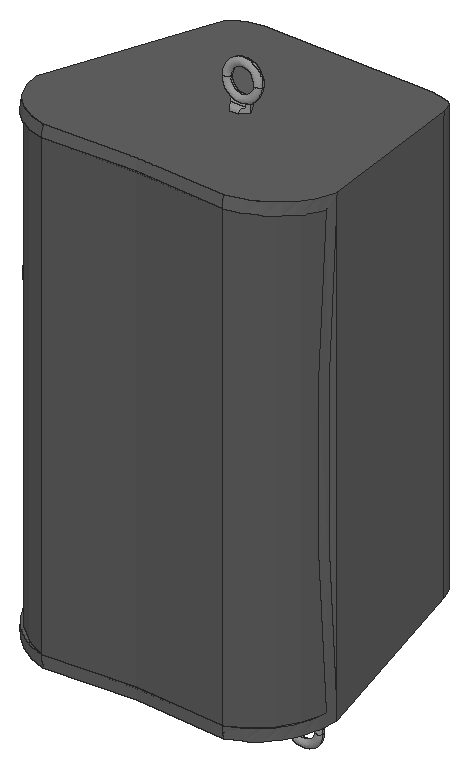
Revit family "AD-S10T - M10 Eye Bolts", category Communication Devices, Revit 2012
Parameters
  Width = 318.0 mm
  Weight Dimensional (lb) = 40.6
  Weight Dimensional (kg) = 18.45
  URL = "TBA"
  Sensitivity = 92
  SPL Max = 122
  Rotation Axis Distance = 2491.3 mm
  Regulatory Compliance = "RoHS"
  Product Page URL = "TBA"
  Product Documentation Link = "TBA"
  Weight Product (kg) = 15
  Weight Product (lb) = 31
  Power Handling = 250
  Model = "AD-S10T"
  Mid Depth = 286.0 mm
  Manufacturer URL = "www.qscaudio.com"
  Manufacturer = "QSC Audio Products, LLC"
  Impedance = 8
  Height [instance] = 515.98 mm
  Grille Finish = Black Grille
  Eye Bolt Material [instance] = Default
  Enclosure Finish = Black Finish
  Description = "10\" 2-Way Surface Mount Loudspeaker"
  Depth [instance] = 297.857 mm
  Coverage Vertical = 90.00°
  Coverage Horizontal = 90.00°
  70V Taps = "100, 50, 25, 12.5"
  100V Taps = "100, 50, 25"
Reference planes
  plane 1 "Center (Front/Back) (Grille Extent)": y = 0
  plane 2: z = 0
  plane 3 "Center (Left/Right)": x = 0
  plane 4 "Rotation Axis Plane": y = 2491.3
  plane 5: x = -159
  plane 6: x = 159
  plane 7: x = 89.05
  plane 8: x = -89.05
  plane 9: y = 72.2
  plane 10: x = -120.55
  plane 11: x = 120.55
  plane 12: y = 263
  plane 13: x = -96.1
  plane 14: x = 96.1
  plane 15: y = 5.4
  plane 16 "Back Plane": y = 297.857
  plane 17: y = 286
  plane 18: y = 77.988
  plane 19: x = -157
  plane 20: x = 157
  plane 21: z = 146.25
  plane 22: z = 106.25
  plane 23: x = -40
  plane 24: x = 40
  plane 25 "Top Plane": z = 257.99
  plane 26 "Bottom Plane": z = -257.99
  plane 27: x = 89.05
  plane 28: x = -89.05
  plane 29: y = 72.2
  plane 30: x = -120.55
  plane 31: x = 120.55
  plane 32: y = 263
  plane 33: x = -96.1
  plane 34: x = 96.1
  plane 35: y = 5.4
  plane 36: y = 286
  plane 37: y = 77.988
  plane 38: x = -157
  plane 39: x = 157
Forms (mm)
  Revolve 1, solid, material "Black Finish" <- "Enclosure Finish"
    sketch origin (0, 0, 0) x (1, 0, 0) y (0, 1, 0)
      loop
        spline (-89.05, 286) -> (-93.329, 285.84) -> (-97.308, 285.361) -> (-100.986, 284.562) -> (-104.363, 283.444) -> (-107.439, 282.007) -> (-110.214, 280.25) -> (-112.689, 278.174) -> (-114.863, 275.778) -> (-116.736, 273.062) -> (-118.308, 270.028) -> (-119.579, 266.674) -> (-120.55, 263)
        line (-120.55, 263) -> (-159, 72.2)
        spline (-159, 72.2) -> (-157.153, 62.865) -> (-154.689, 54.134) -> (-151.608, 46.005) -> (-147.91, 38.481) -> (-143.594, 31.559) -> (-138.661, 25.241) -> (-133.111, 19.526) -> (-126.943, 14.414) -> (-120.158, 9.905) -> (-112.756, 6) -> (-104.737, 2.699) -> (-96.1, 0)
        spline (-96.1, 0) -> (-80.098, 1.65) -> (-64.093, 2.999) -> (-48.086, 4.049) -> (-32.076, 4.799) -> (-16.063, 5.249) -> (-0.047, 5.399) -> (15.971, 5.249) -> (31.991, 4.799) -> (48.014, 4.049) -> (64.04, 2.999) -> (80.069, 1.65) -> (96.1, 0)
        spline (96.1, 0) -> (104.737, 2.699) -> (112.756, 6) -> (120.158, 9.905) -> (126.943, 14.414) -> (133.111, 19.526) -> (138.661, 25.241) -> (143.594, 31.559) -> (147.91, 38.481) -> (151.608, 46.005) -> (154.689, 54.134) -> (157.153, 62.865) -> (159, 72.2)
        line (159, 72.2) -> (120.55, 263)
        spline (120.55, 263) -> (119.579, 266.674) -> (118.308, 270.028) -> (116.736, 273.062) -> (114.863, 275.778) -> (112.689, 278.174) -> (110.214, 280.25) -> (107.439, 282.007) -> (104.363, 283.444) -> (100.986, 284.562) -> (97.308, 285.361) -> (93.329, 285.84) -> (89.05, 286)
        line (89.05, 286) -> (-89.05, 286)
      axis (-159, 2491.3) -> (159, 2491.3)
    angle from -5.944 to 5.944
  Revolve 2, void
    sketch origin (0, 0, 0) x (1, 0, 0) y (0, 1, 0)
      loop
        line (-157, 77.988) -> (-157, 0) -> (157, 0) -> (157, 77.988) -> (-157, 77.988)
      axis (-157, 2491.3) -> (157, 2491.3)
    angle from -5.65 to 5.65
  Extrusion 3, void
    sketch origin (0, 297.857, 0) x (-1, 0, 0) y (0, 0, -1)
      loop
        line (-40, -146.25) -> (40, -146.25) -> (40, -106.25) -> (-40, -106.25) -> (-40, -146.25)
    from 0 to 15
  Revolve 4, solid, material "Black Grille" <- "Grille Finish"
    sketch origin (0, 0, 0) x (1, 0, 0) y (0, 1, 0)
      loop
        spline (-96.1, 0) -> (-80.098, 1.65) -> (-64.093, 2.999) -> (-48.086, 4.049) -> (-32.076, 4.799) -> (-16.063, 5.249) -> (-0.047, 5.399) -> (15.971, 5.249) -> (31.991, 4.799) -> (48.014, 4.049) -> (64.04, 2.999) -> (80.069, 1.65) -> (96.1, 0)
        spline (96.1, 0) -> (103.338, 2.913) -> (110.183, 6.239) -> (116.634, 9.978) -> (122.693, 14.131) -> (128.358, 18.696) -> (133.629, 23.676) -> (138.508, 29.068) -> (142.993, 34.874) -> (147.084, 41.093) -> (150.783, 47.726) -> (154.088, 54.771) -> (157, 62.231)
        line (157, 62.231) -> (-157, 62.231)
        spline (-157, 62.231) -> (-154.088, 54.771) -> (-150.783, 47.726) -> (-147.084, 41.093) -> (-142.993, 34.874) -> (-138.508, 29.068) -> (-133.629, 23.676) -> (-128.358, 18.696) -> (-122.693, 14.131) -> (-116.634, 9.978) -> (-110.183, 6.239) -> (-103.338, 2.913) -> (-96.1, 0)
      axis (-157, 2491.3) -> (157, 2491.3)
    angle from -5.657 to 5.657
Cuts and joins
  Revolve 2, Extrusion 3 cuts Revolve 1
Lines and regions (mm)
  model lines, detail levels fine
    curve 1: line (2.638, 54.51, 253.709) -> (-2.041, 60.641, 253.071)
    curve 2: line (-2.041, 60.641, 253.071) -> (2.638, 54.51, 253.709)
    curve 3: line (-19.006, 55.276, 253.629) -> (-17.238, 61.601, 252.971)
    curve 4: line (-17.238, 61.601, 252.971) -> (-19.006, 55.276, 253.629)
    curve 5: line (-16.053, 51.088, 254.066) -> (-17.372, 62.793, 252.847)
    curve 6: line (-17.372, 62.793, 252.847) -> (-16.053, 51.088, 254.066)
    curve 7: line (8.903, 59.277, 253.213) -> (13.076, 56.228, 253.53)
    curve 8: line (13.076, 56.228, 253.53) -> (8.903, 59.277, 253.213)
    curve 17: line (-158.822, 86.086, 3.504) -> (-157.634, 91.946, -1.035)
    curve 18: line (-157.634, 91.946, -1.035) -> (-158.822, 86.086, 3.504)
    curve 19: line (-158.674, 86.818, -17.491) -> (-157.449, 92.863, -15.776)
    curve 20: line (-157.449, 92.863, -15.776) -> (-158.674, 86.818, -17.491)
    curve 21: line (-159.485, 82.814, -14.627) -> (-157.218, 94.003, -15.906)
    curve 22: line (-157.218, 94.003, -15.906) -> (-159.485, 82.814, -14.627)
    curve 23: line (-157.899, 90.642, 9.582) -> (-158.489, 87.728, 13.629)
    curve 24: line (-158.489, 87.728, 13.629) -> (-157.899, 90.642, 9.582)
    curve 33: line (158.822, 86.086, -3.504) -> (157.634, 91.946, 1.035)
    curve 34: line (157.634, 91.946, 1.035) -> (158.822, 86.086, -3.504)
    curve 35: line (158.674, 86.818, 17.491) -> (157.449, 92.863, 15.776)
    curve 36: line (157.449, 92.863, 15.776) -> (158.674, 86.818, 17.491)
    curve 37: line (159.485, 82.814, 14.627) -> (157.218, 94.003, 15.906)
    curve 38: line (157.218, 94.003, 15.906) -> (159.485, 82.814, 14.627)
    curve 39: line (157.899, 90.642, -9.582) -> (158.489, 87.728, -13.629)
    curve 40: line (158.489, 87.728, -13.629) -> (157.899, 90.642, -9.582)
    curve 41: line (-2.638, 54.51, -253.709) -> (2.041, 60.641, -253.071)
    curve 42: line (2.041, 60.641, -253.071) -> (-2.638, 54.51, -253.709)
    curve 43: line (19.006, 55.276, -253.629) -> (17.238, 61.601, -252.971)
    curve 44: line (17.238, 61.601, -252.971) -> (19.006, 55.276, -253.629)
    curve 45: line (16.053, 51.088, -254.066) -> (17.372, 62.793, -252.847)
    curve 46: line (17.372, 62.793, -252.847) -> (16.053, 51.088, -254.066)
    curve 47: line (-8.903, 59.277, -253.213) -> (-13.076, 56.228, -253.53)
    curve 48: line (-13.076, 56.228, -253.53) -> (-8.903, 59.277, -253.213)
  model lines, not visible, detail levels fine
    curve 9: line (-11.636, 29.062, 0.794) -> (-16.315, 35.227, 0.794)
    curve 10: line (-16.315, 35.227, 0.794) -> (-11.636, 29.062, 0.794)
    curve 11: line (-33.279, 29.832, 0.794) -> (-31.511, 36.191, 0.794)
    curve 12: line (-31.511, 36.191, 0.794) -> (-33.279, 29.832, 0.794)
    curve 13: line (-30.326, 25.621, 0.794) -> (-31.646, 37.389, 0.794)
    curve 14: line (-31.646, 37.389, 0.794) -> (-30.326, 25.621, 0.794)
    curve 15: line (-5.37, 33.855, 0.794) -> (-1.198, 30.789, 0.794)
    curve 16: line (-1.198, 30.789, 0.794) -> (-5.37, 33.855, 0.794)
    curve 25: line (20.133, -60.477, 26.087) -> (15.594, -54.497, 26.087)
    curve 26: line (15.594, -54.497, 26.087) -> (20.133, -60.477, 26.087)
    curve 27: line (-0.862, -59.73, 26.087) -> (0.853, -53.562, 26.087)
    curve 28: line (0.853, -53.562, 26.087) -> (-0.862, -59.73, 26.087)
    curve 29: line (2.002, -63.815, 26.087) -> (0.723, -52.399, 26.087)
    curve 30: line (0.723, -52.399, 26.087) -> (2.002, -63.815, 26.087)
    curve 31: line (26.211, -55.828, 26.087) -> (30.258, -58.801, 26.087)
    curve 32: line (30.258, -58.801, 26.087) -> (26.211, -55.828, 26.087)
  model lines, detail levels medium+fine
    curve 49: circle (0, 156.913, 243.145) r 15 normal (0, 0.1036, 0.9946)
    curve 51: circle (0, 156.913, -243.145) r 15 normal (0, -0.1036, 0.9946)
  model lines, not visible, detail levels medium+fine
    curve 50: circle (0, 150.497, 257.99) r 15 normal (0, 0, 1)
  reference lines
    curve 52: line (-114.5, 93.857, -257.99) -> (114.5, 93.857, -257.99)
    curve 53: line (0, 297.857, -257.99) -> (0, 153.857, -257.99)
Dimensions and locks
  "Rotation Axis Distance": plane 4 "Rotation Axis Plane" to plane 1 "Center (Front/Back) (Grille Extent)"
  equal spacing: plane 5, plane 3 "Center (Left/Right)", plane 6
  "Width": plane 5 to plane 6
  equal spacing: plane 8, plane 3 "Center (Left/Right)", plane 7
  plane 8 to plane 7 = 178.1 mm
  plane 10 to plane 11 = 241.1 mm
  equal spacing: plane 10, plane 3 "Center (Left/Right)", plane 11
  equal spacing: plane 13, plane 3 "Center (Left/Right)", plane 14
  plane 13 to plane 14 = 192.2 mm
  plane 15 to plane 1 "Center (Front/Back) (Grille Extent)" = 5.4 mm
  "Depth": plane 16 "Back Plane" to plane 1 "Center (Front/Back) (Grille Extent)"
  "Mid Depth": plane 17 to plane 1 "Center (Front/Back) (Grille Extent)"
  equal spacing: plane 19, plane 3 "Center (Left/Right)", plane 20
  plane 19 to plane 20 = 314.0 mm
  plane 21 to plane 22 = 40.0 mm
  equal spacing: plane 23, plane 3 "Center (Left/Right)", plane 24
  plane 23 to plane 24 = 80.0 mm
  "Height": plane 25 "Top Plane" to plane 26 "Bottom Plane"
  plane 9 to plane 1 "Center (Front/Back) (Grille Extent)" = 72.2 mm
  plane 10 to plane 3 "Center (Left/Right)" = 120.55 mm
  plane 17 to plane 12 = 23.0 mm
  plane 13 to plane 3 "Center (Left/Right)" = 96.1 mm
  plane 8 to plane 3 "Center (Left/Right)" = 89.05 mm
  plane 28 to plane 27 = 178.1 mm  (x2)
  plane 30 to plane 31 = 241.1 mm  (x2)
  plane 33 to plane 34 = 192.2 mm  (x2)
  plane 36 to plane 32 = 23.0 mm
  plane 38 to plane 39 = 314.0 mm
  curve 49 to plane 16 "Back Plane" = 126.024 mm
  plane 26 "Bottom Plane" to Extrusion 3 sketch curve = 364.24 mm
  equal spacing: curve 52, plane 3 "Center (Left/Right)", curve 52
  curve 52 to plane 16 "Back Plane" = 204.0 mm
  aligned and locked: plane 2 to level
  aligned and locked: Revolve 1 sketch curve to plane 17
  aligned and locked: Revolve 2 sketch curve to plane 4 "Rotation Axis Plane"
  aligned and locked: Revolve 2 sketch curve to plane 18
  aligned and locked: Revolve 2 sketch curve to plane 19
  aligned and locked: Revolve 2 sketch curve to plane 1 "Center (Front/Back) (Grille Extent)"
  aligned and locked: Revolve 2 sketch curve to plane 20
  aligned and locked: plane 21 to Extrusion 3 sketch curve
  aligned and locked: plane 24 to Extrusion 3 sketch curve
  aligned and locked: Extrusion 3 sketch curve to plane 23
  aligned and locked: plane 12 to Revolve 1 sketch curve
  aligned and locked: plane 10 to Revolve 1 sketch curve
  aligned and locked: plane 25 "Top Plane" to cut or joined group of Revolve 1, Revolve 2, Extrusion 3
  aligned and locked: plane 26 "Bottom Plane" to cut or joined group of Revolve 1, Revolve 2, Extrusion 3
  aligned and locked: plane 16 "Back Plane" to cut or joined group of Revolve 1, Revolve 2, Extrusion 3
  aligned and locked: cut or joined group of Revolve 1, Revolve 2, Extrusion 3 to curve 24
Automatic sketch dimensions
  Revolve 1 sketch curve to plane 5 = 0.0 mm  (x2)
  Revolve 1 sketch curve to plane 4 "Rotation Axis Plane" = 0.0 mm
  plane 1 "Center (Front/Back) (Grille Extent)" to Revolve 1 sketch curve = 0.0 mm
  Revolve 1 sketch curve to plane 13 = 0.0 mm
  Revolve 1 sketch curve to plane 8 = 0.0 mm
  Revolve 1 sketch curve to plane 7 = 0.0 mm
  Revolve 1 sketch curve to plane 14 = 0.0 mm
  Revolve 1 sketch curve to plane 11 = 0.0 mm
  Revolve 1 sketch curve to plane 6 = 0.0 mm  (x2)
  Revolve 1 sketch curve to plane 9 = 0.0 mm  (x2)
  Revolve 1 sketch curve to plane 12 = 0.0 mm
  Revolve 2 sketch curve to plane 3 "Center (Left/Right)" = 0.0 mm
  Revolve 2 sketch curve to plane 6 = 0.0 mm
  Revolve 4 sketch curve to plane 4 "Rotation Axis Plane" = 0.0 mm
  Revolve 4 sketch curve to plane 5 = 0.0 mm
  Revolve 4 sketch curve to plane 38 = 0.0 mm
  plane 1 "Center (Front/Back) (Grille Extent)" to Revolve 4 sketch curve = 0.0 mm
  Revolve 4 sketch curve to plane 33 = 0.0 mm
  Revolve 4 sketch curve to plane 34 = 0.0 mm
  Revolve 4 sketch curve to plane 39 = 0.0 mm
  Revolve 4 sketch curve to plane 6 = 0.0 mm
  Revolve 4 sketch curve to plane 29 = 9.969 mm
  curve 3 to curve 4 = 0.0 mm  (x2)
  curve 4 to curve 5 = 1.633 mm
  curve 6 to curve 5 = 0.0 mm  (x3)
  curve 6 to curve 3 = 0.134 mm
  curve 4 to curve 3 = 0.0 mm
  curve 3 to curve 5 = 2.953 mm
  curve 3 to curve 2 = 15.197 mm
  curve 1 to curve 2 = 0.0 mm
  curve 2 to curve 1 = 4.679 mm
  curve 2 to curve 1 = 0.0 mm  (x3)
  curve 1 to curve 8 = 6.265 mm
  curve 7 to curve 8 = 0.0 mm  (x2)
  curve 7 to curve 8 = 4.172 mm
  curve 5 to curve 6 = 0.0 mm
  curve 6 to curve 1 = 3.441 mm
  curve 5 to curve 4 = 4.211 mm
  curve 1 to curve 7 = 1.727 mm
  curve 8 to curve 7 = 0.0 mm  (x2)
  curve 8 to curve 7 = 3.065 mm
  curve 1 to curve 1 = 6.165 mm
  curve 4 to curve 4 = 6.359 mm
  curve 11 to curve 12 = 0.0 mm  (x2)
  curve 12 to curve 13 = 1.633 mm
  curve 14 to curve 13 = 0.0 mm  (x3)
  curve 14 to curve 11 = 0.134 mm
  curve 12 to curve 11 = 0.0 mm
  curve 11 to curve 13 = 2.953 mm
  curve 11 to curve 10 = 15.197 mm
  curve 9 to curve 10 = 0.0 mm
  curve 10 to curve 9 = 4.679 mm
  curve 10 to curve 9 = 0.0 mm  (x3)
  curve 9 to curve 16 = 6.265 mm
  curve 15 to curve 16 = 0.0 mm  (x2)
  curve 15 to curve 16 = 4.172 mm
  curve 13 to curve 14 = 0.0 mm
  curve 14 to curve 9 = 3.441 mm
  curve 13 to curve 12 = 4.211 mm
  curve 9 to curve 15 = 1.727 mm
  curve 16 to curve 15 = 0.0 mm  (x2)
  curve 16 to curve 15 = 3.065 mm
  curve 9 to curve 9 = 6.165 mm
  curve 12 to curve 12 = 6.359 mm
  curve 19 to curve 20 = 0.0 mm  (x2)
  curve 19 to curve 21 = 1.584 mm
  curve 22 to curve 21 = 0.0 mm  (x3)
  curve 22 to curve 19 = 0.13 mm
  curve 20 to curve 19 = 0.0 mm
  curve 20 to curve 21 = 2.864 mm
  curve 19 to curve 18 = 14.741 mm
  curve 17 to curve 18 = 0.0 mm
  curve 18 to curve 17 = 4.539 mm
  curve 18 to curve 17 = 0.0 mm  (x3)
  curve 17 to curve 24 = 6.078 mm
  curve 23 to curve 24 = 0.0 mm  (x2)
  curve 24 to curve 24 = 4.047 mm
  curve 21 to curve 22 = 0.0 mm
  curve 22 to curve 17 = 3.338 mm
  curve 21 to curve 20 = 4.084 mm
  curve 17 to curve 23 = 1.675 mm
  curve 24 to curve 23 = 0.0 mm  (x2)
  curve 23 to curve 23 = 2.974 mm
  curve 17 to curve 17 = 5.98 mm
  curve 19 to curve 20 = 6.169 mm
  curve 27 to curve 28 = 0.0 mm  (x2)
  curve 27 to curve 29 = 1.584 mm
  curve 30 to curve 29 = 0.0 mm  (x3)
  curve 30 to curve 27 = 0.13 mm
  curve 28 to curve 27 = 0.0 mm
  curve 28 to curve 29 = 2.864 mm
  curve 27 to curve 26 = 14.741 mm
  curve 25 to curve 26 = 0.0 mm
  curve 26 to curve 25 = 4.539 mm
  curve 26 to curve 25 = 0.0 mm  (x3)
  curve 25 to curve 32 = 6.078 mm
  curve 31 to curve 32 = 0.0 mm  (x2)
  curve 32 to curve 32 = 4.047 mm
  curve 29 to curve 30 = 0.0 mm
  curve 30 to curve 25 = 3.338 mm
  curve 29 to curve 28 = 4.084 mm
  curve 25 to curve 31 = 1.675 mm
  curve 32 to curve 31 = 0.0 mm  (x2)
  curve 31 to curve 31 = 2.974 mm
  curve 25 to curve 25 = 5.98 mm
  curve 27 to curve 28 = 6.169 mm
  curve 35 to curve 36 = 0.0 mm  (x2)
  curve 35 to curve 37 = 1.584 mm
  curve 38 to curve 37 = 0.0 mm  (x3)
  curve 38 to curve 35 = 0.13 mm
  curve 36 to curve 35 = 0.0 mm
  curve 36 to curve 37 = 2.864 mm
  curve 35 to curve 34 = 14.741 mm
  curve 33 to curve 34 = 0.0 mm
  curve 34 to curve 33 = 4.539 mm
  curve 34 to curve 33 = 0.0 mm  (x3)
  curve 33 to curve 40 = 6.078 mm
  curve 39 to curve 40 = 0.0 mm  (x2)
  curve 40 to curve 40 = 4.047 mm
  curve 37 to curve 38 = 0.0 mm
  curve 38 to curve 33 = 3.338 mm
  curve 37 to curve 36 = 4.084 mm
  curve 33 to curve 39 = 1.675 mm
  curve 40 to curve 39 = 0.0 mm  (x2)
  curve 39 to curve 39 = 2.974 mm
  curve 33 to curve 33 = 5.98 mm
  curve 35 to curve 36 = 6.169 mm
  curve 43 to curve 44 = 0.0 mm  (x2)
  curve 44 to curve 45 = 1.633 mm
  curve 46 to curve 45 = 0.0 mm  (x3)
  curve 46 to curve 43 = 0.134 mm
  curve 44 to curve 43 = 0.0 mm
  curve 43 to curve 45 = 2.953 mm
  curve 43 to curve 42 = 15.197 mm
  curve 41 to curve 42 = 0.0 mm
  curve 42 to curve 41 = 4.679 mm
  curve 42 to curve 41 = 0.0 mm  (x3)
  curve 41 to curve 48 = 6.265 mm
  curve 47 to curve 48 = 0.0 mm  (x2)
  curve 47 to curve 48 = 4.172 mm
  curve 45 to curve 46 = 0.0 mm
  curve 46 to curve 41 = 3.441 mm
  curve 45 to curve 44 = 4.211 mm
  curve 41 to curve 47 = 1.727 mm
  curve 48 to curve 47 = 0.0 mm  (x2)
  curve 48 to curve 47 = 3.065 mm
  curve 41 to curve 41 = 6.165 mm
  curve 44 to curve 44 = 6.359 mm
  curve 53 to plane 3 "Center (Left/Right)" = 0.0 mm
  plane 16 "Back Plane" to curve 53 = 0.0 mm
  curve 53 to curve 52 = 60.0 mm
  curve 52 to plane 6 = 44.5 mm
Nested families
  nested 1: "M10 Eye Bolt" at (0, 156.337, 243.107) x (1, 0, 0) z (0, 0.1036, 0.9946), Eye Bolt Material <- "Eye Bolt Material", type "M10 Eye Bolt"
    with Eye Bolt Material Default
  nested 2: "M10 Eye Bolt" at (0, 153.857, -243.366) x (1, 0, 0) z (0, 0.1036, -0.9946), Eye Bolt Material <- "Eye Bolt Material", type "M10 Eye Bolt"
    with Eye Bolt Material Default
  nested 3: "M10 Eye Bolt" at (-114.5, 93.857, -249.613) x (1, 0, 0) z (0, 0.1036, -0.9946), Eye Bolt Material <- "Eye Bolt Material", type "M10 Eye Bolt"
    with Eye Bolt Material Default
  nested 4: "M10 Eye Bolt" at (114.5, 93.857, -249.613) x (1, 0, 0) z (0, 0.1036, -0.9946), Eye Bolt Material <- "Eye Bolt Material", type "M10 Eye Bolt"
    with Eye Bolt Material Default
Connectors
  electrical at (0, 282.857, 126.25)
    settings: on cut or joined group of Revolve 1, Revolve 2, Extrusion 3, index 1, voltage 0 V, apparent load 0 VA, apparent load phase1 0 VA, apparent load phase2 0 VA, apparent load phase3 0 VA, power factor 1, load classification "Other", number of poles 1, system type 14, power factor state 1, is connector primary yes, connector utility no, sub classification motor no, connector description "Speaker Input"
  electrical at (0, 282.857, 126.25)
    settings: on cut or joined group of Revolve 1, Revolve 2, Extrusion 3, index 2, voltage 0 V, apparent load 0 VA, apparent load phase1 0 VA, apparent load phase2 0 VA, apparent load phase3 0 VA, power factor 1, load classification "Other", number of poles 1, system type 14, power factor state 1, is connector primary no, connector utility no, sub classification motor no, connector description "Parallel Output"
Definition of nested family "M10 Eye Bolt"
  Parameters (values of type "M10 Eye Bolt")
    Radius = Depth / 2  # 3.969 mm
    Outter Diameter = 41.077 mm
    Inner Diameter = 25.4 mm
    Eye Bolt Material [instance] = Default
    Depth = 7.938 mm
    Default Elevation = 1219.2 mm
    Base Depth = 17.5 mm
  Reference planes
    plane 1 "Center (Front/Back)": y = 0
    plane 2: z = 0
    plane 3 "Center (Left/Right)": x = 0
    plane 4 "Plane at Center": z = 26.5
    plane 5 "Inner Left": x = -12.7
    plane 6 "Inner Right": x = 12.7
    plane 7: x = -20.538
    plane 8: x = 20.538
    plane 9: y = 3.969
    plane 10: y = -3.969
    plane 11: y = 8.75
    plane 12: y = -8.75
  Forms (mm)
    Extrusion 1, solid
      sketch origin (0, 0, 0) x (1, 0, 0) y (0, 1, 0)
        loop
          line (-1219.2, 1219.2) -> (-1219.2, -1219.2) -> (1219.2, -1219.2) -> (1219.2, 1219.2) -> (-1219.2, 1219.2)
      from 0 to -304.8
    Revolve 2, solid, material "Default" <- "Eye Bolt Material"
      sketch origin (0, 0, 26.5) x (-1, 0, 0) y (0, -1, 0)
        loop
          circle (-16.619, -0.05) r 3.969
        axis (0, -0.05) -> (0, 0.95)
      angle from 0 to 360
    Extrusion 3, solid, material "Default" <- "Eye Bolt Material"
      sketch origin (-12.7, 0, 0) x (0, 0, 1) y (0, -1, 0)
        loop
          spline (0, -8.75) -> (1.63, -8.656) -> (2.802, -8.396) -> (3.59, -8.003) -> (4.071, -7.51) -> (4.32, -6.951) -> (4.412, -6.359) -> (4.422, -5.767) -> (4.428, -5.208) -> (4.502, -4.715) -> (4.722, -4.322) -> (5.163, -4.062) -> (5.9, -3.968)
          arc (5.9, -3.968) -> (9.87, 0.002) -> (5.9, 3.971) r 3.97
          spline (5.9, 3.971) -> (5.225, 4.065) -> (4.813, 4.325) -> (4.594, 4.718) -> (4.5, 5.211) -> (4.462, 5.77) -> (4.412, 6.362) -> (4.28, 6.954) -> (3.999, 7.513) -> (3.499, 8.006) -> (2.711, 8.399) -> (1.568, 8.659) -> (0, 8.753)
          line (0, 8.753) -> (0, -8.75)
      from 0 to 25.4 <- "Inner Diameter"
    Extrusion 4, void
      sketch origin (0, 0, 0) x (1, 0, 0) y (0, 1, 0)
        loop
          line (5.054, -8.753) -> (12.7, -8.753) -> (12.7, 8.75) -> (5.054, 8.753) -> (10.107, 0) -> (5.054, -8.753)
        loop
          line (-5.054, 8.753) -> (-12.7, 8.75) -> (-12.7, -8.753) -> (-5.054, -8.753) -> (-10.107, 0) -> (-5.054, 8.753)
      from 0 to 25.4
  Cuts and joins
    Extrusion 4 cuts Extrusion 3
    joined: Revolve 2, Extrusion 3
  Dimensions and locks
    equal spacing: plane 6 "Inner Right", plane 3 "Center (Left/Right)", plane 5 "Inner Left"
    "Inner Diameter": plane 6 "Inner Right" to plane 5 "Inner Left"
    equal spacing: plane 8, plane 3 "Center (Left/Right)", plane 7
    "Outter Diameter": plane 8 to plane 7
    equal spacing: plane 9, plane 1 "Center (Front/Back)", plane 10
    "Depth": plane 9 to plane 10
    plane 4 "Plane at Center" to level = 26.5 mm
    equal spacing: plane 11, plane 1 "Center (Front/Back)", plane 12
    "Base Depth": plane 11 to plane 12
    "Radius": radius of Revolve 2 sketch curve
    aligned and locked: plane 2 to Extrusion 1
    aligned and locked: level to Extrusion 1
    aligned and locked: Revolve 2 sketch curve to plane 3 "Center (Left/Right)"
  Automatic sketch dimensions
    Extrusion 1 sketch curve to Extrusion 1 sketch curve = 2438.4 mm  (x2)
    Revolve 2 sketch curve to plane 1 "Center (Front/Back)" = 0.05 mm
    plane 6 "Inner Right" to Revolve 2 sketch curve = 3.919 mm
    Revolve 2 sketch curve to plane 9 = 14.097 mm
    Revolve 2 sketch curve to plane 10 = 27.104 mm
    Extrusion 4 sketch curve to plane 5 "Inner Left" = 0.0 mm
    plane 1 "Center (Front/Back)" to Extrusion 4 sketch curve = 0.0 mm  (x2)
    Extrusion 4 sketch curve to plane 12 = 0.0 mm
    Extrusion 4 sketch curve to plane 6 "Inner Right" = 0.0 mm
    plane 11 to Extrusion 4 sketch curve = 0.0 mm  (x2)
    plane 5 "Inner Left" to Extrusion 4 sketch curve = 2.593 mm
    Extrusion 4 sketch curve to plane 3 "Center (Left/Right)" = 5.055 mm
    Extrusion 4 sketch curve to plane 12 = 0.003 mm  (x3)
    plane 3 "Center (Left/Right)" to Extrusion 4 sketch curve = 5.054 mm  (x2)
    Extrusion 4 sketch curve to plane 11 = 0.003 mm  (x2)
    Extrusion 4 sketch curve to plane 6 "Inner Right" = 2.593 mm
    Extrusion 4 sketch curve to plane 3 "Center (Left/Right)" = 5.054 mm
    Extrusion 3 sketch curve to level = 0.0 mm
    Extrusion 3 sketch curve to plane 11 = 0.0 mm
    Extrusion 3 sketch curve to plane 10 = 0.002 mm
    level to Extrusion 3 sketch curve = 5.9 mm
    plane 9 to Extrusion 3 sketch curve = 0.001 mm
    Extrusion 3 sketch curve to plane 12 = 0.003 mm
